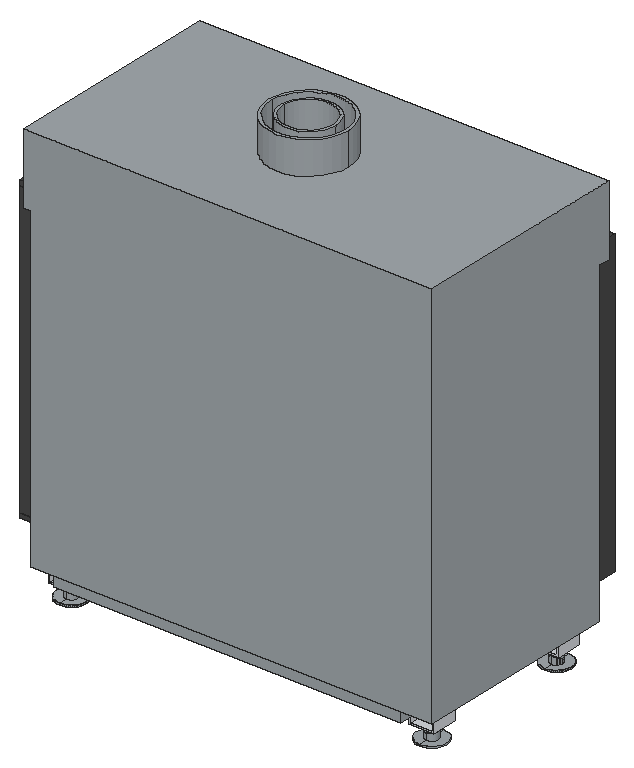
Revit family "1METALFIRE_AVENUE_PLUS_MF_GHE_2S", category Mechanical Equipment, host Wall, Revit 2017
Family settings
  Host = Wall
  Round Connector Dimension = Use Diameter
  Part Type = Normal
  OmniClass Number = 23.75.00.00
  OmniClass Title = Climate Control (HVAC)
  Always vertical = Yes
  Cut with Voids When Loaded = No
  Shared = No
  Room Calculation Point = Yes
Parameters (values of type "700 x 600 mm")
  WIDTH = 744 mm
  WEIGHT = 100.00 kg
  URL = "https://www.metalfire.eu"
  TECHNICAL SHEET = "https://www.metalfire.eu/en/products/gas-fireplaces/avenue-plus"
  SMOKE EXHAUST = "Ø100/150 mm"
  PRODUCT SHEET = "https://www.archiproducts.com/en/products/metalfire/gas-corner-closed-fireplace-avenue-corner-fireplace_456681"
  PRODUCT CODE = "MF 700-60 GHE 2S"
  OVERALL WIDTH = 828 mm
  OVERALL HEIGHT = 970 mm
  OVERALL DEPTH = 444 mm
  OUTPUT = 5.8 kW
  Model = "Avenue Plus"
  Manufacturer = "Metalfire"
  MATERIAL DESCRIPTION = "Iron, galvanized steel and vermiculite plates"
  HEIGHT = 590 mm
  FRAME MATERIAL = Iron - Metalfire
  FINISHING MATERIAL = Black painted vermiculite plates - Metalfire
  ENERGY EFFICIENCY CLASS = "A (G20) / B (G30)"
  EFFICIENCY = 90.00%
  Description = "The Avenue plus represents the latest generation of closed gas-fired fireplaces. Although the output is lower than the Avenue series, the Avenue plus achieves the highest efficiency in the Metalfire range, 90%."
  DEPTH = 336 mm
  BIM USER MANUAL = "https://img.edilportale.com/bim/METALFIRE-BIM-USER-MANUAL-Metalfire-bim.pdf"
  BIM BADGE = "https://bim.archiproducts.com/en/badge/bim-archiproducts-featured_658700/about"
  BIM AUTHOR = "https://bim.archiproducts.com"
Types (2, lengths in mm): name | WIDTH | PRODUCT CODE | OVERALL WIDTH | OVERALL HEIGHT | OUTPUT | HEIGHT | DEPTH
  700 x 600 mm | 744 | "MF 700-60 GHE 2S" | 828 | 970 | 5.8 kW | 590 | 336
  800 x 400 mm | 841 | "MF 800-40 GHE 2S" | 928 | 770 | 5.5 kW | 390 | 331
Reference planes
  plane 1 "Wall": y = 0
  plane 2 "Center (Left/Right)": x = 0
  plane 3 "Back": y = 300
  plane 4: x = 372
  plane 5: x = -372
  plane 6: z = 121
  plane 7: z = 711
Forms (mm)
  Extrusion 1, void
    sketch origin (0, 300, 0) x (1, 0, 0) y (0, 0, 1)
      loop
        line (382, 111) -> (382, 721) -> (-382, 721) -> (-382, 111) -> (382, 111)
    from 0 to 70
  Revolve 2, solid, material "Iron - Metalfire" <- "FRAME MATERIAL", detail levels fine
    sketch origin (-357, -544.43, 1200) x (0, -1, 0) y (0, 0, 1)
      loop
        line (-714.93, -1200) -> (-684.93, -1200) -> (-684.93, -1197) -> (-702.93, -1197) -> (-702.93, -1184) -> (-706.93, -1184) -> (-706.93, -1122) -> (-714.93, -1122) -> (-714.93, -1200)
      axis (-714.93, -1122) -> (-714.93, -1200)
    angle from 0 to 360
  Revolve 3, solid, material "Iron - Metalfire" <- "FRAME MATERIAL", detail levels fine
    sketch origin (-357, -230.93, 1200) x (0, -1, 0) y (0, 0, 1)
      loop
        line (-87.93, -1200) -> (-57.93, -1200) -> (-57.93, -1197) -> (-75.93, -1197) -> (-75.93, -1184) -> (-79.93, -1184) -> (-79.93, -1122) -> (-87.93, -1122) -> (-87.93, -1200)
      axis (-87.93, -1122) -> (-87.93, -1200)
    angle from 0 to 360
  Extrusion 4, solid, material "Iron - Metalfire" <- "FRAME MATERIAL", detail levels fine
    sketch origin (0, 381.083, 0) x (-1, 0, 0) y (0, -1, 0)
      loop
        circle (0, 373.083) r 75
      loop
        circle (0, 373.083) r 80
    from 864 to 930
  Extrusion 5, solid, material "Iron - Metalfire" <- "FRAME MATERIAL", detail levels fine
    sketch origin (0, 300, 0) x (-1, 0, 0) y (0, 0, 1)
      loop
        line (-349.5, 46) -> (349.5, 46) -> (349.5, 78) -> (-349.5, 78) -> (-349.5, 46)
    from -112 to -497
  Extrusion 6, solid, material "Black painted vermiculite plates - Metalfire" <- "FINISHING MATERIAL", detail levels medium+fine
    sketch origin (1538.26, 300, 0) x (-1, 0, 0) y (0, 0, 1)
      loop
        line (1156.26, 111) -> (1994.26, 111) -> (1994.26, 121) -> (1166.26, 121) -> (1166.26, 711) -> (1994.26, 711) -> (1994.26, 721) -> (1156.26, 721) -> (1156.26, 111)
    from 0 to -448
  Extrusion 7, solid, material "Iron - Metalfire" <- "FRAME MATERIAL", detail levels fine
    sketch origin (0, 300, 0) x (0, -1, 0) y (0, 0, -1)
      loop
        line (70, -864) -> (514, -864) -> (514, -78) -> (93, -78) -> (93, -721) -> (70, -721) -> (70, -864)
    from 382 to 426
  Extrusion 8, solid, material "Iron - Metalfire" <- "FRAME MATERIAL", detail levels fine
    sketch origin (0, 300, 0) x (0, -1, 0) y (0, 0, -1)
      loop
        line (70, -864) -> (514, -864) -> (514, -78) -> (93, -78) -> (93, -111) -> (448, -111) -> (448, -721) -> (70, -721) -> (70, -864)
    from -382 to 382
  Extrusion 9, solid, material "Black painted vermiculite plates - Metalfire" <- "FINISHING MATERIAL", detail levels medium+fine
    sketch origin (0, 300, 0) x (-1, 0, 0) y (0, 0, 1)
      loop
        line (-372, 121) -> (456, 121) -> (456, 711) -> (-372, 711) -> (-372, 121)
    from -448 to -438
  Extrusion 10, solid, material "Iron - Metalfire" <- "FRAME MATERIAL", detail levels fine
    sketch origin (0, 381.083, 0) x (-1, 0, 0) y (0, -1, 0)
      loop
        circle (0, 373.083) r 50
      loop
        circle (0, 373.083) r 55
    from 864 to 930
  Extrusion 11, solid, material "Iron - Metalfire" <- "FRAME MATERIAL", detail levels fine
    sketch origin (0, 300, 0) x (0, -1, 0) y (0, 0, 1)
      loop
        line (70, 864) -> (70, 721) -> (514, 721) -> (514, 864) -> (70, 864)
    from 382 to 396
  Extrusion 12, solid, material "Clear Glass - Metalfire", detail levels medium+fine
    sketch origin (0, 0, 0) x (1, 0, 0) y (0, 1, 0)
      loop
        line (-372, 207) -> (-372, -138) -> (-367, -138) -> (-367, 202) -> (372, 202) -> (372, 207) -> (-372, 207)
    from 121 to 711
  Revolve 13, solid, material "Iron - Metalfire" <- "FRAME MATERIAL", detail levels fine
    sketch origin (-357, -544.43, 1200) x (0, -1, 0) y (0, 0, 1)
      loop
        line (-714.93, -1200) -> (-684.93, -1200) -> (-684.93, -1197) -> (-702.93, -1197) -> (-702.93, -1184) -> (-706.93, -1184) -> (-706.93, -1122) -> (-714.93, -1122) -> (-714.93, -1200)
      axis (-714.93, -1122) -> (-714.93, -1200)
    angle from 0 to 360
  Revolve 14, solid, material "Iron - Metalfire" <- "FRAME MATERIAL", detail levels fine
    sketch origin (-357, -230.93, 1200) x (0, -1, 0) y (0, 0, 1)
      loop
        line (-87.93, -1200) -> (-57.93, -1200) -> (-57.93, -1197) -> (-75.93, -1197) -> (-75.93, -1184) -> (-79.93, -1184) -> (-79.93, -1122) -> (-87.93, -1122) -> (-87.93, -1200)
      axis (-87.93, -1122) -> (-87.93, -1200)
    angle from 0 to 360
  Extrusion 15, solid, detail levels fine
    sketch origin (122, -300, 0) x (-1, 0, 0) y (0, 0, 1)
      loop
        line (457, 78) -> (454, 78) -> (454, 29.8) -> (504, 29.8) -> (504, 78) -> (501, 78) -> (501, 32.8) -> (457, 32.8) -> (457, 78)
    from 131 to 183
  Extrusion 16, solid, detail levels fine
    sketch origin (122, 261, 0) x (-1, 0, 0) y (0, 0, -1)
      loop
        line (457, -78) -> (457, -32.8) -> (501, -32.8) -> (501, -78) -> (504, -78) -> (504, -29.8) -> (454, -29.8) -> (454, -78) -> (457, -78)
    from 64.5 to 116.5
  Revolve 17, solid, material "Iron - Metalfire" <- "FRAME MATERIAL", detail levels fine
    sketch origin (369, -544.43, 1200) x (0, -1, 0) y (0, 0, -1)
      loop
        line (-714.93, 1200) -> (-714.93, 1122) -> (-706.93, 1122) -> (-706.93, 1184) -> (-702.93, 1184) -> (-702.93, 1197) -> (-684.93, 1197) -> (-684.93, 1200) -> (-714.93, 1200)
      axis (-714.93, 1122) -> (-714.93, 1200)
    angle from 0 to 360
  Revolve 18, solid, material "Iron - Metalfire" <- "FRAME MATERIAL", detail levels fine
    sketch origin (369, -230.93, 1200) x (0, -1, 0) y (0, 0, -1)
      loop
        line (-87.93, 1200) -> (-87.93, 1122) -> (-79.93, 1122) -> (-79.93, 1184) -> (-75.93, 1184) -> (-75.93, 1197) -> (-57.93, 1197) -> (-57.93, 1200) -> (-87.93, 1200)
      axis (-87.93, 1122) -> (-87.93, 1200)
    angle from 0 to 360
  Revolve 19, solid, material "Iron - Metalfire" <- "FRAME MATERIAL", detail levels fine
    sketch origin (369, -544.43, 1200) x (0, -1, 0) y (0, 0, -1)
      loop
        line (-714.93, 1200) -> (-714.93, 1122) -> (-706.93, 1122) -> (-706.93, 1184) -> (-702.93, 1184) -> (-702.93, 1197) -> (-684.93, 1197) -> (-684.93, 1200) -> (-714.93, 1200)
      axis (-714.93, 1122) -> (-714.93, 1200)
    angle from 0 to 360
  Revolve 20, solid, material "Iron - Metalfire" <- "FRAME MATERIAL", detail levels fine
    sketch origin (369, -230.93, 1200) x (0, -1, 0) y (0, 0, -1)
      loop
        line (-87.93, 1200) -> (-87.93, 1122) -> (-79.93, 1122) -> (-79.93, 1184) -> (-75.93, 1184) -> (-75.93, 1197) -> (-57.93, 1197) -> (-57.93, 1200) -> (-87.93, 1200)
      axis (-87.93, 1122) -> (-87.93, 1200)
    angle from 0 to 360
  Extrusion 21, solid, detail levels fine
    sketch origin (-110, -300, 0) x (1, 0, 0) y (0, 0, -1)
      loop
        line (457, -78) -> (457, -32.8) -> (501, -32.8) -> (501, -78) -> (504, -78) -> (504, -29.8) -> (454, -29.8) -> (454, -78) -> (457, -78)
    from 131 to 183
  Extrusion 22, solid, detail levels fine
    sketch origin (-110, 261, 0) x (1, 0, 0) y (0, 0, 1)
      loop
        line (457, 78) -> (454, 78) -> (454, 29.8) -> (504, 29.8) -> (504, 78) -> (501, 78) -> (501, 32.8) -> (457, 32.8) -> (457, 78)
    from 64.5 to 116.5
  Revolve 23, solid, material "Iron - Metalfire" <- "FRAME MATERIAL", not visible, detail levels fine
    sketch origin (-435, -544.43, 1200) x (0, -1, 0) y (0, 0, 1)
      loop
        line (-714.93, -1200) -> (-684.93, -1200) -> (-684.93, -1197) -> (-702.93, -1197) -> (-702.93, -1184) -> (-706.93, -1184) -> (-706.93, -1122) -> (-714.93, -1122) -> (-714.93, -1200)
      axis (-714.93, -1122) -> (-714.93, -1200)
    angle from 0 to 360
  Revolve 24, solid, material "Iron - Metalfire" <- "FRAME MATERIAL", not visible, detail levels fine
    sketch origin (-435, -230.93, 1200) x (0, -1, 0) y (0, 0, 1)
      loop
        line (-87.93, -1200) -> (-57.93, -1200) -> (-57.93, -1197) -> (-75.93, -1197) -> (-75.93, -1184) -> (-79.93, -1184) -> (-79.93, -1122) -> (-87.93, -1122) -> (-87.93, -1200)
      axis (-87.93, -1122) -> (-87.93, -1200)
    angle from 0 to 360
  Revolve 25, solid, material "Iron - Metalfire" <- "FRAME MATERIAL", not visible, detail levels fine
    sketch origin (-435, -544.43, 1200) x (0, -1, 0) y (0, 0, 1)
      loop
        line (-714.93, -1200) -> (-684.93, -1200) -> (-684.93, -1197) -> (-702.93, -1197) -> (-702.93, -1184) -> (-706.93, -1184) -> (-706.93, -1122) -> (-714.93, -1122) -> (-714.93, -1200)
      axis (-714.93, -1122) -> (-714.93, -1200)
    angle from 0 to 360
  Revolve 26, solid, material "Iron - Metalfire" <- "FRAME MATERIAL", not visible, detail levels fine
    sketch origin (-435, -230.93, 1200) x (0, -1, 0) y (0, 0, 1)
      loop
        line (-87.93, -1200) -> (-57.93, -1200) -> (-57.93, -1197) -> (-75.93, -1197) -> (-75.93, -1184) -> (-79.93, -1184) -> (-79.93, -1122) -> (-87.93, -1122) -> (-87.93, -1200)
      axis (-87.93, -1122) -> (-87.93, -1200)
    angle from 0 to 360
  Extrusion 27, solid, not visible, detail levels fine
    sketch origin (44, -300, 0) x (-1, 0, 0) y (0, 0, 1)
      loop
        line (457, 78) -> (454, 78) -> (454, 29.8) -> (504, 29.8) -> (504, 78) -> (501, 78) -> (501, 32.8) -> (457, 32.8) -> (457, 78)
    from 131 to 183
  Extrusion 28, solid, not visible, detail levels fine
    sketch origin (44, 261, 0) x (-1, 0, 0) y (0, 0, -1)
      loop
        line (457, -78) -> (457, -32.8) -> (501, -32.8) -> (501, -78) -> (504, -78) -> (504, -29.8) -> (454, -29.8) -> (454, -78) -> (457, -78)
    from 64.5 to 116.5
  Revolve 29, solid, material "Iron - Metalfire" <- "FRAME MATERIAL", not visible, detail levels fine
    sketch origin (447, -544.43, 1200) x (0, -1, 0) y (0, 0, -1)
      loop
        line (-714.93, 1200) -> (-714.93, 1122) -> (-706.93, 1122) -> (-706.93, 1184) -> (-702.93, 1184) -> (-702.93, 1197) -> (-684.93, 1197) -> (-684.93, 1200) -> (-714.93, 1200)
      axis (-714.93, 1122) -> (-714.93, 1200)
    angle from 0 to 360
  Revolve 30, solid, material "Iron - Metalfire" <- "FRAME MATERIAL", not visible, detail levels fine
    sketch origin (447, -230.93, 1200) x (0, -1, 0) y (0, 0, -1)
      loop
        line (-87.93, 1200) -> (-87.93, 1122) -> (-79.93, 1122) -> (-79.93, 1184) -> (-75.93, 1184) -> (-75.93, 1197) -> (-57.93, 1197) -> (-57.93, 1200) -> (-87.93, 1200)
      axis (-87.93, 1122) -> (-87.93, 1200)
    angle from 0 to 360
  Revolve 31, solid, material "Iron - Metalfire" <- "FRAME MATERIAL", not visible, detail levels fine
    sketch origin (447, -544.43, 1200) x (0, -1, 0) y (0, 0, -1)
      loop
        line (-714.93, 1200) -> (-714.93, 1122) -> (-706.93, 1122) -> (-706.93, 1184) -> (-702.93, 1184) -> (-702.93, 1197) -> (-684.93, 1197) -> (-684.93, 1200) -> (-714.93, 1200)
      axis (-714.93, 1122) -> (-714.93, 1200)
    angle from 0 to 360
  Revolve 32, solid, material "Iron - Metalfire" <- "FRAME MATERIAL", not visible, detail levels fine
    sketch origin (447, -230.93, 1200) x (0, -1, 0) y (0, 0, -1)
      loop
        line (-87.93, 1200) -> (-87.93, 1122) -> (-79.93, 1122) -> (-79.93, 1184) -> (-75.93, 1184) -> (-75.93, 1197) -> (-57.93, 1197) -> (-57.93, 1200) -> (-87.93, 1200)
      axis (-87.93, 1122) -> (-87.93, 1200)
    angle from 0 to 360
  Extrusion 33, solid, not visible, detail levels fine
    sketch origin (-32, -300, 0) x (1, 0, 0) y (0, 0, -1)
      loop
        line (457, -78) -> (457, -32.8) -> (501, -32.8) -> (501, -78) -> (504, -78) -> (504, -29.8) -> (454, -29.8) -> (454, -78) -> (457, -78)
    from 131 to 183
  Extrusion 34, solid, not visible, detail levels fine
    sketch origin (-32, 261, 0) x (1, 0, 0) y (0, 0, 1)
      loop
        line (457, 78) -> (454, 78) -> (454, 29.8) -> (504, 29.8) -> (504, 78) -> (501, 78) -> (501, 32.8) -> (457, 32.8) -> (457, 78)
    from 64.5 to 116.5
  Extrusion 35, void
    sketch origin (0, 0, 0) x (0, 1, 0) y (0, 0, 1)
      loop
        line (-214, 930) -> (-214, 0) -> (230, 0) -> (230, 930) -> (-214, 930)
    from -396 to 426
  Extrusion 36, void
    sketch origin (0, 0, 0) x (0, 1, 0) y (0, 0, 1)
      loop
        line (300, 721) -> (-148, 721) -> (-148, 111) -> (300, 111) -> (300, 721)
    from -456 to -382
Cuts and joins
  joined: Extrusion 7, Extrusion 8, Extrusion 11
Text (mm)
  text "Placement side" at (-1820.995, 1116.779, 0), in view "Ref. Level"
  text "Placement side" at (0, 1334.055, 2976.191), in view "Left"
  text "Placement side" at (0, 439.194, 2944.362), in view "Right"
Dimensions and locks
  locked: plane 3 "Back" to host wall
  equal spacing: plane 5, plane 2 "Center (Left/Right)", plane 4
  "WIDTH": plane 5 to plane 4
  locked: level to plane 6 at 121
  "HEIGHT": plane 6 to plane 7
  locked: plane 7 to Extrusion 4 at 219
  locked: Extrusion 7 sketch curve to plane 7 at 10
  locked: Extrusion 7 sketch curve to plane 7 at 153
  locked: plane 6 to Extrusion 7 sketch curve at 43
  locked: Extrusion 8 sketch curve to plane 7 at 10
  locked: Extrusion 8 sketch curve to plane 7 at 153
  locked: plane 6 to Extrusion 8 sketch curve at 10
  locked: plane 6 to Extrusion 8 sketch curve at 43
  Extrusion 5 to plane 2 "Center (Left/Right)" to Extrusion 5 = 349.5 mm locked, 349.5 mm locked
  locked: plane 5 to Extrusion 6 sketch curve at 84
  locked: Extrusion 6 sketch curve to plane 5 at 84
  locked: Extrusion 11 sketch curve to plane 7 at 153
  locked: Extrusion 11 sketch curve to plane 7 at 10
  plane 5 to Extrusion 11 to Extrusion 11 = 10 mm locked, 14 mm locked
  locked: plane 5 to Extrusion 12 sketch curve at 5
  locked: plane 5 to Extrusion 16 at 10
  locked: Extrusion 22 to plane 4 at 22
  locked: Extrusion 6 to plane 3 "Back" at 448  (x2)
  locked: plane 3 "Back" to Extrusion 16 at 103.5
  locked: plane 3 "Back" to Extrusion 22 at 103.5
  Extrusion 5 to Extrusion 5 to plane 3 "Back" = 385 mm locked, 112 mm locked
  plane 3 "Back" to Extrusion 12 sketch curve to Extrusion 12 sketch curve = 93 mm locked, 5 mm locked
  locked: plane 3 "Back" to Extrusion 8 sketch curve at 514
  locked: Extrusion 4 sketch curve to plane 3 "Back" at 292
  locked: Extrusion 10 sketch curve to plane 3 "Back" at 292
  Extrusion 7 to Extrusion 8 to plane 4 = 44 mm locked, 10 mm locked
  locked: Extrusion 9 to Extrusion 6 at 10
  aligned and locked: plane 1 "Wall" to host wall
  aligned and locked: Extrusion 1 to plane 3 "Back"
  aligned and locked: Extrusion 6 to Extrusion 1
  aligned and locked: Extrusion 1 to Extrusion 6
  aligned and locked: plane 7 to Extrusion 6 sketch curve
  aligned and locked: plane 4 to Extrusion 6 sketch curve
  aligned and locked: Extrusion 6 sketch curve to plane 6
  aligned and locked: plane 4 to Extrusion 9
  aligned and locked: plane 7 to Extrusion 9
  aligned and locked: Extrusion 9 sketch curve to plane 6
  aligned and locked: Extrusion 4 to Extrusion 10  (x2)
  aligned and locked: Extrusion 8 to Extrusion 7
  aligned and locked: Extrusion 8 to Extrusion 11
  aligned and locked: Extrusion 12 sketch curve to Extrusion 9
  aligned and locked: Extrusion 12 sketch curve to plane 4
  aligned and locked: Extrusion 12 sketch curve to plane 5
  aligned and locked: Extrusion 12 to plane 6
  aligned and locked: plane 7 to Extrusion 12
  aligned and locked: Extrusion 6 to plane 3 "Back"
  aligned and locked: Extrusion 11 to Extrusion 7
  aligned and locked: Extrusion 7 sketch curve to Extrusion 8  (x2)
  aligned and locked: Extrusion 4 to Extrusion 7
  aligned and locked: Extrusion 7 to Extrusion 11
  aligned and locked: Extrusion 35 sketch curve to Extrusion 4
  aligned and locked: Extrusion 35 to cut or joined group of Extrusion 7, Extrusion 8, Extrusion 11  (x2)
  aligned and locked: plane 3 "Back" to Extrusion 36 sketch curve
  aligned and locked: Extrusion 36 sketch curve to Extrusion 9
  aligned and locked: Extrusion 36 sketch curve to Extrusion 6  (x2)
  aligned and locked: Extrusion 36 to Extrusion 6
  aligned and locked: Extrusion 36 to cut or joined group of Extrusion 7, Extrusion 8, Extrusion 11
  aligned and locked: Extrusion 9 to Extrusion 6
  aligned and locked: Extrusion 35 sketch curve to cut or joined group of Extrusion 7, Extrusion 8, Extrusion 11
  aligned and locked: nested 1 to cut or joined group of Extrusion 7, Extrusion 8, Extrusion 11  (x3)
  aligned and locked: cut or joined group of Extrusion 7, Extrusion 8, Extrusion 11 to nested 1
Automatic sketch dimensions
  Extrusion 1 sketch curve to plane 5 = 10 mm
  plane 4 to Extrusion 1 sketch curve = 10 mm
  Extrusion 1 sketch curve to plane 6 = 10 mm
  plane 7 to Extrusion 1 sketch curve = 10 mm
  Revolve 2 sketch curve to Revolve 2 sketch curve = 8 mm
  Revolve 2 sketch curve to Revolve 2 sketch curve = 4 mm
  Revolve 2 sketch curve to Revolve 2 sketch curve = 18 mm
  Revolve 2 sketch curve to Revolve 2 sketch curve = 13 mm
  Revolve 2 sketch curve to Revolve 2 sketch curve = 0 mm
  Revolve 3 sketch curve to Revolve 3 sketch curve = 8 mm
  Revolve 3 sketch curve to Revolve 3 sketch curve = 4 mm
  Revolve 3 sketch curve to Revolve 3 sketch curve = 18 mm
  Revolve 3 sketch curve to Revolve 3 sketch curve = 13 mm
  Revolve 3 sketch curve to Revolve 3 sketch curve = 0 mm
  Extrusion 4 sketch curve to Extrusion 4 sketch curve = 0 mm  (x2)
  Extrusion 4 sketch curve to plane 2 "Center (Left/Right)" = 0 mm
  Extrusion 5 sketch curve to plane 6 = 43 mm
  Extrusion 5 sketch curve to plane 4 = 22.5 mm
  plane 5 to Extrusion 5 sketch curve = 22.5 mm
  Extrusion 5 sketch curve to Extrusion 5 sketch curve = 32 mm
  plane 4 to Extrusion 6 sketch curve = 10 mm
  Extrusion 6 sketch curve to plane 6 = 10 mm
  Extrusion 6 sketch curve to Extrusion 6 sketch curve = 10 mm
  Extrusion 8 sketch curve to host wall = 70 mm
  Extrusion 8 sketch curve to host wall = 93 mm
  Extrusion 8 sketch curve to Extrusion 8 sketch curve = 66 mm
  Extrusion 9 sketch curve to plane 4 = 0 mm
  Extrusion 9 sketch curve to plane 7 = 0 mm
  Extrusion 9 sketch curve to plane 5 = 84 mm
  Extrusion 10 sketch curve to Extrusion 10 sketch curve = 0 mm  (x2)
  Extrusion 10 sketch curve to plane 2 "Center (Left/Right)" = 0 mm
  Extrusion 11 sketch curve to host wall = 70 mm
  Extrusion 11 sketch curve to host wall = 86 mm
  Revolve 13 sketch curve to Revolve 13 sketch curve = 8 mm
  Revolve 13 sketch curve to Revolve 13 sketch curve = 4 mm
  Revolve 13 sketch curve to Revolve 13 sketch curve = 18 mm
  Revolve 13 sketch curve to Revolve 13 sketch curve = 13 mm
  Revolve 13 sketch curve to Revolve 13 sketch curve = 0 mm
  Revolve 14 sketch curve to Revolve 14 sketch curve = 8 mm
  Revolve 14 sketch curve to Revolve 14 sketch curve = 4 mm
  Revolve 14 sketch curve to Revolve 14 sketch curve = 18 mm
  Revolve 14 sketch curve to Revolve 14 sketch curve = 13 mm
  Revolve 14 sketch curve to Revolve 14 sketch curve = 0 mm
  Extrusion 15 sketch curve to Extrusion 15 sketch curve = 3 mm  (x3)
  Extrusion 16 sketch curve to Extrusion 16 sketch curve = 3 mm  (x3)
  Revolve 17 sketch curve to Revolve 17 sketch curve = 8 mm
  Revolve 17 sketch curve to Revolve 17 sketch curve = 4 mm
  Revolve 17 sketch curve to Revolve 17 sketch curve = 18 mm
  Revolve 17 sketch curve to Revolve 17 sketch curve = 13 mm
  Revolve 17 sketch curve to Revolve 17 sketch curve = 0 mm
  Revolve 17 sketch curve to Revolve 17 sketch curve = 38.099 mm
  Revolve 18 sketch curve to Revolve 18 sketch curve = 8 mm
  Revolve 18 sketch curve to Revolve 18 sketch curve = 4 mm
  Revolve 18 sketch curve to Revolve 18 sketch curve = 18 mm
  Revolve 18 sketch curve to Revolve 18 sketch curve = 13 mm
  Revolve 18 sketch curve to Revolve 18 sketch curve = 0 mm
  Revolve 18 sketch curve to Revolve 18 sketch curve = 38.099 mm
  Revolve 19 sketch curve to Revolve 19 sketch curve = 8 mm
  Revolve 19 sketch curve to Revolve 19 sketch curve = 4 mm
  Revolve 19 sketch curve to Revolve 19 sketch curve = 18 mm
  Revolve 19 sketch curve to Revolve 19 sketch curve = 13 mm
  Revolve 19 sketch curve to Revolve 19 sketch curve = 0 mm
  Revolve 19 sketch curve to Revolve 19 sketch curve = 38.099 mm
  Revolve 20 sketch curve to Revolve 20 sketch curve = 8 mm
  Revolve 20 sketch curve to Revolve 20 sketch curve = 4 mm
  Revolve 20 sketch curve to Revolve 20 sketch curve = 18 mm
  Revolve 20 sketch curve to Revolve 20 sketch curve = 13 mm
  Revolve 20 sketch curve to Revolve 20 sketch curve = 0 mm
  Revolve 20 sketch curve to Revolve 20 sketch curve = 38.099 mm
  Extrusion 21 sketch curve to Extrusion 21 sketch curve = 3 mm  (x3)
  Extrusion 22 sketch curve to Extrusion 22 sketch curve = 3 mm  (x3)
  Revolve 2 sketch curve to Revolve 2 sketch curve = 3 mm
  Revolve 2 sketch curve to Revolve 2 sketch curve = 62 mm
  Revolve 2 sketch curve to Revolve 2 sketch curve = 38.099 mm
  Revolve 2 sketch curve to Revolve 2 sketch curve = 58.901 mm
  Revolve 3 sketch curve to Revolve 3 sketch curve = 3 mm
  Revolve 3 sketch curve to Revolve 3 sketch curve = 62 mm
  Revolve 3 sketch curve to Revolve 3 sketch curve = 38.099 mm
  Revolve 3 sketch curve to Revolve 3 sketch curve = 58.901 mm
  Revolve 13 sketch curve to Revolve 13 sketch curve = 3 mm
  Revolve 13 sketch curve to Revolve 13 sketch curve = 62 mm
  Revolve 13 sketch curve to Revolve 13 sketch curve = 38.099 mm
  Revolve 13 sketch curve to Revolve 13 sketch curve = 58.901 mm
  Revolve 14 sketch curve to Revolve 14 sketch curve = 3 mm
  Revolve 14 sketch curve to Revolve 14 sketch curve = 62 mm
  Revolve 14 sketch curve to Revolve 14 sketch curve = 38.099 mm
  Revolve 14 sketch curve to Revolve 14 sketch curve = 58.901 mm
  Extrusion 15 sketch curve to Extrusion 15 sketch curve = 44 mm
  Extrusion 15 sketch curve to Extrusion 15 sketch curve = 45.2 mm  (x2)
  Extrusion 16 sketch curve to Extrusion 16 sketch curve = 44 mm
  Extrusion 16 sketch curve to Extrusion 16 sketch curve = 0 mm
  Extrusion 16 sketch curve to Extrusion 16 sketch curve = 45.2 mm
  Revolve 23 sketch curve to Revolve 23 sketch curve = 8 mm
  Revolve 23 sketch curve to Revolve 23 sketch curve = 4 mm
  Revolve 23 sketch curve to Revolve 23 sketch curve = 18 mm
  Revolve 23 sketch curve to Revolve 23 sketch curve = 13 mm
  Revolve 23 sketch curve to Revolve 23 sketch curve = 0 mm
  Revolve 24 sketch curve to Revolve 24 sketch curve = 8 mm
  Revolve 24 sketch curve to Revolve 24 sketch curve = 4 mm
  Revolve 24 sketch curve to Revolve 24 sketch curve = 18 mm
  Revolve 24 sketch curve to Revolve 24 sketch curve = 13 mm
  Revolve 24 sketch curve to Revolve 24 sketch curve = 0 mm
  Revolve 25 sketch curve to Revolve 25 sketch curve = 8 mm
  Revolve 25 sketch curve to Revolve 25 sketch curve = 4 mm
  Revolve 25 sketch curve to Revolve 25 sketch curve = 18 mm
  Revolve 25 sketch curve to Revolve 25 sketch curve = 13 mm
  Revolve 25 sketch curve to Revolve 25 sketch curve = 0 mm
  Revolve 26 sketch curve to Revolve 26 sketch curve = 8 mm
  Revolve 26 sketch curve to Revolve 26 sketch curve = 4 mm
  Revolve 26 sketch curve to Revolve 26 sketch curve = 18 mm
  Revolve 26 sketch curve to Revolve 26 sketch curve = 13 mm
  Revolve 26 sketch curve to Revolve 26 sketch curve = 0 mm
  Extrusion 27 sketch curve to Extrusion 27 sketch curve = 3 mm  (x3)
  Extrusion 28 sketch curve to Extrusion 28 sketch curve = 3 mm  (x3)
  Revolve 23 sketch curve to Revolve 23 sketch curve = 3 mm
  Revolve 23 sketch curve to Revolve 23 sketch curve = 62 mm
  Revolve 23 sketch curve to Revolve 23 sketch curve = 38.099 mm
  Revolve 23 sketch curve to Revolve 23 sketch curve = 58.901 mm
  Revolve 24 sketch curve to Revolve 24 sketch curve = 3 mm
  Revolve 24 sketch curve to Revolve 24 sketch curve = 62 mm
  Revolve 24 sketch curve to Revolve 24 sketch curve = 38.099 mm
  Revolve 24 sketch curve to Revolve 24 sketch curve = 58.901 mm
  Revolve 25 sketch curve to Revolve 25 sketch curve = 3 mm
  Revolve 25 sketch curve to Revolve 25 sketch curve = 62 mm
  Revolve 25 sketch curve to Revolve 25 sketch curve = 38.099 mm
  Revolve 25 sketch curve to Revolve 25 sketch curve = 58.901 mm
  Revolve 26 sketch curve to Revolve 26 sketch curve = 3 mm
  Revolve 26 sketch curve to Revolve 26 sketch curve = 62 mm
  Revolve 26 sketch curve to Revolve 26 sketch curve = 38.099 mm
  Revolve 26 sketch curve to Revolve 26 sketch curve = 58.901 mm
  Extrusion 27 sketch curve to Extrusion 27 sketch curve = 44 mm
  Extrusion 27 sketch curve to Extrusion 27 sketch curve = 45.2 mm  (x2)
  Extrusion 28 sketch curve to Extrusion 28 sketch curve = 44 mm
  Extrusion 28 sketch curve to Extrusion 28 sketch curve = 0 mm
  Extrusion 28 sketch curve to Extrusion 28 sketch curve = 45.2 mm
  Revolve 17 sketch curve to Revolve 17 sketch curve = 62 mm
  Revolve 17 sketch curve to Revolve 17 sketch curve = 3 mm
  Revolve 17 sketch curve to Revolve 17 sketch curve = 58.901 mm
  Revolve 18 sketch curve to Revolve 18 sketch curve = 62 mm
  Revolve 18 sketch curve to Revolve 18 sketch curve = 3 mm
  Revolve 18 sketch curve to Revolve 18 sketch curve = 58.901 mm
  Revolve 19 sketch curve to Revolve 19 sketch curve = 62 mm
  Revolve 19 sketch curve to Revolve 19 sketch curve = 3 mm
  Revolve 19 sketch curve to Revolve 19 sketch curve = 58.901 mm
  Revolve 20 sketch curve to Revolve 20 sketch curve = 62 mm
  Revolve 20 sketch curve to Revolve 20 sketch curve = 3 mm
  Revolve 20 sketch curve to Revolve 20 sketch curve = 58.901 mm
  Extrusion 21 sketch curve to Extrusion 21 sketch curve = 44 mm
  Extrusion 21 sketch curve to Extrusion 21 sketch curve = 0 mm
  Extrusion 21 sketch curve to Extrusion 21 sketch curve = 45.2 mm
  Extrusion 22 sketch curve to Extrusion 22 sketch curve = 44 mm
  Extrusion 22 sketch curve to Extrusion 22 sketch curve = 45.2 mm  (x2)
  Revolve 29 sketch curve to Revolve 29 sketch curve = 8 mm
  Revolve 29 sketch curve to Revolve 29 sketch curve = 4 mm
  Revolve 29 sketch curve to Revolve 29 sketch curve = 18 mm
  Revolve 29 sketch curve to Revolve 29 sketch curve = 13 mm
  Revolve 29 sketch curve to Revolve 29 sketch curve = 0 mm
  Revolve 29 sketch curve to Revolve 29 sketch curve = 38.099 mm
  Revolve 30 sketch curve to Revolve 30 sketch curve = 8 mm
  Revolve 30 sketch curve to Revolve 30 sketch curve = 4 mm
  Revolve 30 sketch curve to Revolve 30 sketch curve = 18 mm
  Revolve 30 sketch curve to Revolve 30 sketch curve = 13 mm
  Revolve 30 sketch curve to Revolve 30 sketch curve = 0 mm
  Revolve 30 sketch curve to Revolve 30 sketch curve = 38.099 mm
  Revolve 31 sketch curve to Revolve 31 sketch curve = 8 mm
  Revolve 31 sketch curve to Revolve 31 sketch curve = 4 mm
  Revolve 31 sketch curve to Revolve 31 sketch curve = 18 mm
  Revolve 31 sketch curve to Revolve 31 sketch curve = 13 mm
  Revolve 31 sketch curve to Revolve 31 sketch curve = 0 mm
  Revolve 31 sketch curve to Revolve 31 sketch curve = 38.099 mm
  Revolve 32 sketch curve to Revolve 32 sketch curve = 8 mm
  Revolve 32 sketch curve to Revolve 32 sketch curve = 4 mm
  Revolve 32 sketch curve to Revolve 32 sketch curve = 18 mm
  Revolve 32 sketch curve to Revolve 32 sketch curve = 13 mm
  Revolve 32 sketch curve to Revolve 32 sketch curve = 0 mm
  Revolve 32 sketch curve to Revolve 32 sketch curve = 38.099 mm
  Extrusion 33 sketch curve to Extrusion 33 sketch curve = 3 mm  (x3)
  Extrusion 34 sketch curve to Extrusion 34 sketch curve = 3 mm  (x3)
  Revolve 29 sketch curve to Revolve 29 sketch curve = 62 mm
  Revolve 29 sketch curve to Revolve 29 sketch curve = 3 mm
  Revolve 29 sketch curve to Revolve 29 sketch curve = 58.901 mm
  Revolve 30 sketch curve to Revolve 30 sketch curve = 62 mm
  Revolve 30 sketch curve to Revolve 30 sketch curve = 3 mm
  Revolve 30 sketch curve to Revolve 30 sketch curve = 58.901 mm
  Revolve 31 sketch curve to Revolve 31 sketch curve = 62 mm
  Revolve 31 sketch curve to Revolve 31 sketch curve = 3 mm
  Revolve 31 sketch curve to Revolve 31 sketch curve = 58.901 mm
  Revolve 32 sketch curve to Revolve 32 sketch curve = 62 mm
  Revolve 32 sketch curve to Revolve 32 sketch curve = 3 mm
  Revolve 32 sketch curve to Revolve 32 sketch curve = 58.901 mm
  Extrusion 33 sketch curve to Extrusion 33 sketch curve = 44 mm
  Extrusion 33 sketch curve to Extrusion 33 sketch curve = 0 mm
  Extrusion 33 sketch curve to Extrusion 33 sketch curve = 45.2 mm
  Extrusion 34 sketch curve to Extrusion 34 sketch curve = 44 mm
  Extrusion 34 sketch curve to Extrusion 34 sketch curve = 45.2 mm  (x2)
  Extrusion 7 sketch curve to host wall = 93 mm
  Extrusion 35 sketch curve to level = 0 mm
  Extrusion 35 sketch curve to host wall = 70 mm
  radius of Extrusion 4 sketch curve = 75 mm
  radius of Extrusion 4 sketch curve = 80 mm
  radius of Extrusion 10 sketch curve = 50 mm
  radius of Extrusion 10 sketch curve = 55 mm
Nested families
  nested 1: "FIREPLACE_SYMBOL_detail item" at (15, 8, 0), type "FIREPLACE_SYMBOL_detail item", detail levels coarse
    with WIDTH 822 mm, HEIGHT 444 mm
Connectors
  piping at (0, 8, 930), diameter 100
    settings: on Extrusion 10, index 1, connector inside diameter 609.6 mm, connector length 0 mm, flow factor 0, pipe flow 0.0 L/s, pressure drop 0.0 Pa, fitting loss kfactor 0, connector angle 0.00°, fixture units 0, engagement length 0 mm, angle of deflection 0.00°, flow configuration 0, flow direction 2, fitting loss method 0, system type 22, joint type 0, gender type 0, connector reference index -1, connector utility 0, adjustable connector no, is connector primary yes, connector description ""
Definition of nested family "FIREPLACE_SYMBOL_detail item"
  Parameters (values of type "FIREPLACE_SYMBOL_detail item")
    WIDTH [instance] = 500 mm
    HEIGHT [instance] = 500 mm
  Reference planes
    plane 1 "Center (Front/Back)": y = 0
    plane 2: z = 0
    plane 3 "Center (Left/Right)": x = 0
    plane 4: x = 250
    plane 5: x = -250
    plane 6: y = 250
    plane 7: y = -250
  Lines and regions (mm)
    Filled region 1, type "Concrete", in view "Ref. Level"
      outline origin (-246.617, 90, 0) x (1, 0, 0) y (0, 1, 0)
        loop
          line (-3.383, -340) -> (496.617, -340) -> (496.617, 160) -> (-3.383, -340)
    detail lines, in view "Ref. Level"
      curve 1: line (-250, 250, 0) -> (250, 250, 0)
      curve 2: line (-250, -250, 0) -> (-250, 250, 0)
      curve 3: line (250, -250, 0) -> (-250, -250, 0)
      curve 4: line (250, 250, 0) -> (250, -250, 0)
  Dimensions and locks
    equal spacing: plane 5, plane 3 "Center (Left/Right)", plane 4
    equal spacing: plane 7, plane 1 "Center (Front/Back)", plane 6
    "WIDTH": plane 5 to plane 4
    "HEIGHT": plane 7 to plane 6
    aligned and locked: plane 6 to curve 1
    aligned and locked: plane 5 to curve 2
    aligned and locked: curve 3 to plane 7
    aligned and locked: curve 4 to plane 4
    aligned and locked: plane 6 to Filled region 1 sketch curve
    aligned and locked: plane 5 to Filled region 1 sketch curve
    aligned and locked: Filled region 1 sketch curve to plane 4
    aligned and locked: plane 7 to Filled region 1 sketch curve
